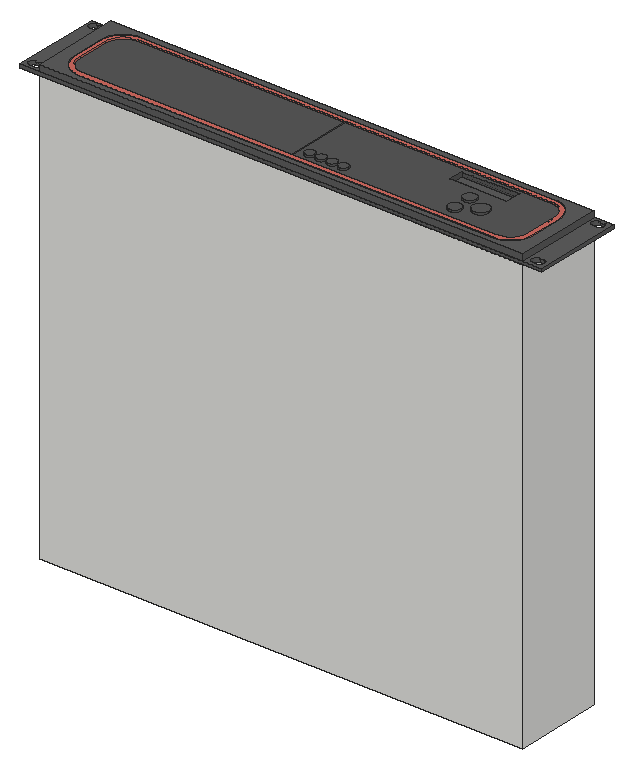
Revit family "Electronics_Amplifier_Biamp_Tesira_4-Channel-300W_AMP-4300R-CV__", category Communication Devices, host Face, Revit 2020
Family settings
  Host = Face
  Maintain Annotation Orientation = No
  Round Connector Dimension = Use Diameter
  Part Type = Normal
  OmniClass Number = 23.85.10.11.14.14.17
  OmniClass Title = Sound Amplifiers
  Cut with Voids When Loaded = Yes
  Shared = No
  Room Calculation Point = No
Parameters (values of type "AMP-4350R")
  Width = 19.00"  # constant formula
  Weight = 20.60 lbf  # constant formula
  Voltage = 120 V
  URL = "https://www.biamp.com/"
  Temperature Range = "32 - 104° F (0 - 40° C)"  # constant formula
  THD+N = "20Hz-20kHz, at rated power: < 0.3%"  # constant formula
  Single Channel = "70V/100V: 300W"  # constant formula
  Product data url = "https://www.bimobject.com/biamp/product/tesira-amp-4350r_amplifier"
  Product Page URL = "https://www.biamp.com/products/tesira-amplifiers#tesira-amp-4350r"
  Product Documentation Link = "https://downloads.biamp.com/assets/docs/default-source/data-sheets/biamp_data_sheet_tesira_amp-4350r_oct18.pdf"
  Power Factor = 1
  Optional Analog Cards = "Tesira EX-MOD cards: EIC-4, EIOC-4, EOC-4"  # constant formula
  Number of Poles = 1
  Number of Channels = "4"  # constant formula
  Model = "Tesira AMP-4350R"  # constant formula
  Minimum Operational Load = "2 ohm"  # constant formula
  Manufacturer = "Biamp"  # constant formula
  Humidity = "0-95% relative humidity (non-condensing)"  # constant formula
  Housing Material = Biamp - Metal - Silver
  Height = 3.50"  # constant formula
  Frequency Response = "± 1dB"  # constant formula
  Dynamic Range = "> 100dB"  # constant formula
  Dual AVB/TSN Input = "RJ-45 (CAT-5 or higher) inputs; primary and secondary"  # constant formula
  Description = "Tesira® AMP-4350R 4-Channel, 350W Amplifier"  # constant formula
  Depth = 17.39844"  # constant formula
  Default Elevation = 48.00"
  Current Draw = "5.5–2.3A"  # constant formula
  Current = 5.5 A
  Cooling = "Variable speed fan"  # constant formula
  Connector Description = "100-240VAC 50/60Hz"  # constant formula
  Compliance = "FCC Part 15B (USA) CE Marked (Europe) UL and C-UL listed (USA and Canada) RCM (Australia) EAC (Eurasian Customs Union) CCC (China) KCC (Korea) RoHS Directive (Europe)"  # constant formula
  Case = yes
  Balanced Input Impedance = "8 kohm"  # constant formula
  Assembly Code = ""
  Apparent Load = Current * Voltage  # 660 VA
  Altitude = "0-10,000 ft (0-3000m) MSL"  # constant formula
Reference planes (in)
  plane 1 "Center (Front/Back)": y = 0
  plane 2: z = 0
  plane 3 "Center (Left/Right)": x = 0
  plane 4: x = 19.76273
  plane 5: y = 1.43791
  plane 6: y = -1.52561
Forms (in)
  Extrusion 1, solid, material "Biamp - Metal - Silver" <- "Housing Material", visible <- "Case"
    sketch origin (9.88137, -1.79653, -8.32798) x (1, 0, 0) y (0, 0, -1)
      loop
        line (-9.5, 8.69922) -> (-9.5, -8.32798) -> (9.5, -8.32798) -> (9.5, 8.69922) -> (-9.5, 8.69922)
    from 0 to 3.5
  Extrusion 2, solid, material "Biamp - Metal - Black"
    sketch origin (9.88137, -1.79653, -8.32798) x (1, 0, 0) y (0, 0, -1)
      loop
        line (-9.5, -8.44922) -> (-9.5, -8.69922) -> (9.5, -8.69922) -> (9.5, -8.44922) -> (-9.5, -8.44922)
    from 0 to 3.5
  Extrusion 3, solid, material "Biamp - Metal - Black"
    sketch origin (9.88137, -1.79653, -8.32798) x (1, 0, 0) y (0, 1, 0)
      loop
        line (10.25, 3.5) -> (-10.25, 3.5) -> (-10.25, 0) -> (10.25, 0) -> (10.25, 3.5)
    from 8.32798 to 8.45
  Extrusion 4, void, detail levels medium+fine
    sketch origin (9.88137, -1.79653, -8.32798) x (1, 0, 0) y (0, 1, 0)
      loop
        arc (-9.7948, 3.07101) -> (-9.63137, 3.23444) -> (-9.7948, 3.39787) r 0.16343
        line (-9.7948, 3.39787) -> (-9.96794, 3.39787)
        arc (-9.96794, 3.39787) -> (-10.13137, 3.23444) -> (-9.96794, 3.07101) r 0.16343
        line (-9.96794, 3.07101) -> (-9.7948, 3.07101)
      loop
        arc (-9.96794, 0.43436) -> (-10.13137, 0.27093) -> (-9.96794, 0.1075) r 0.16343
        line (-9.96794, 0.1075) -> (-9.7948, 0.1075)
        arc (-9.7948, 0.1075) -> (-9.63137, 0.27093) -> (-9.7948, 0.43436) r 0.16343
        line (-9.7948, 0.43436) -> (-9.96794, 0.43436)
      loop
        arc (9.7948, 3.39787) -> (9.63137, 3.23444) -> (9.7948, 3.07101) r 0.16343
        line (9.7948, 3.07101) -> (9.96794, 3.07101)
        arc (9.96794, 3.07101) -> (10.13137, 3.23444) -> (9.96794, 3.39787) r 0.16343
        line (9.96794, 3.39787) -> (9.7948, 3.39787)
      loop
        arc (9.7948, 0.43436) -> (9.63137, 0.27093) -> (9.7948, 0.1075) r 0.16343
        line (9.7948, 0.1075) -> (9.96794, 0.1075)
        arc (9.96794, 0.1075) -> (10.13137, 0.27093) -> (9.96794, 0.43436) r 0.16343
        line (9.96794, 0.43436) -> (9.7948, 0.43436)
    from 8.32798 to 8.45
  Extrusion 5, solid, material "Biamp - Glass - Gray", detail levels medium+fine
    sketch origin (9.88137, -1.79653, -8.42105) x (1, 0, 0) y (0, 1, 0)
      loop
        line (7.01336, 2.93738) -> (4.76336, 2.93738) -> (4.76336, 2.31238) -> (7.01336, 2.31238) -> (7.01336, 2.93738)
    from 8.61104 to 8.74596
  Extrusion 6, solid, material "Biamp - Plastic - Black", detail levels medium+fine
    sketch origin (9.88137, -1.79653, -8.42105) x (1, 0, 0) y (0, 1, 0)
      loop
        circle (6.70697, 1.42245) r 0.30719
      loop
        circle (6.00161, 1.76362) r 0.25
      loop
        circle (6.01175, 1.00818) r 0.25
      loop
        circle (0.87632, 0.86436) r 0.18364
      loop
        circle (0.43882, 0.86436) r 0.18364
      loop
        circle (1.31382, 0.86436) r 0.18364
      loop
        circle (1.75132, 0.86436) r 0.18364
    from 8.74596 to 8.79228
  Extrusion 7, void
    sketch origin (0.38137, -1.79653, -17.0272) x (0, -1, 0) y (-1, 0, 0)
      loop
        line (-2.40764, -8.71853) -> (-2.40764, -9.63487) -> (-2.15764, -9.63487) -> (-2.15764, -8.71853) -> (-2.40764, -8.71853)
      loop
        line (-2.15764, -11.21853) -> (-2.65764, -11.21853) -> (-2.65764, -11.85362) -> (-2.15764, -11.85362) -> (-2.15764, -11.21853)
      loop
        line (-2.65764, -12.19152) -> (-2.65764, -12.82661) -> (-2.15764, -12.82661) -> (-2.15764, -12.19152) -> (-2.65764, -12.19152)
      loop
        line (-2.65764, -13.44152) -> (-2.65764, -14.07661) -> (-2.15764, -14.07661) -> (-2.15764, -13.44152) -> (-2.65764, -13.44152)
      loop
        line (-1.4216, -17.20698) -> (-1.4216, -18.58198) -> (-0.4841, -18.58198) -> (-0.4841, -17.20698) -> (-1.4216, -17.20698)
      loop
        line (-0.9841, -12.19152) -> (-0.9841, -12.82661) -> (-0.4841, -12.82661) -> (-0.4841, -12.19152) -> (-0.9841, -12.19152)
      loop
        line (-0.9841, -8.94152) -> (-0.9841, -9.57661) -> (-0.4841, -9.57661) -> (-0.4841, -8.94152) -> (-0.9841, -8.94152)
      loop
        line (-0.9841, -5.41027) -> (-0.9841, -6.04536) -> (-0.4841, -6.04536) -> (-0.4841, -5.41027) -> (-0.9841, -5.41027)
      loop
        line (-0.9841, -2.25402) -> (-0.9841, -2.88911) -> (-0.4841, -2.88911) -> (-0.4841, -2.25402) -> (-0.9841, -2.25402)
      loop
        line (-2.84514, -5.05061) -> (-2.84514, -4.35303) -> (-3.28264, -4.35303) -> (-3.28264, -5.05061) -> (-2.84514, -5.05061)
      loop
        line (-2.84514, -4.26512) -> (-2.84514, -3.56754) -> (-3.28264, -3.56754) -> (-3.28264, -4.26512) -> (-2.84514, -4.26512)
      loop
        line (-2.84514, -3.16358) -> (-2.84514, -2.466) -> (-3.28264, -2.466) -> (-3.28264, -3.16358) -> (-2.84514, -3.16358)
      loop
        line (-2.84514, -1.68051) -> (-3.28264, -1.68051) -> (-3.28264, -2.3781) -> (-2.84514, -2.3781) -> (-2.84514, -1.68051)
    from -0.15363 to 0
  Extrusion 8, solid, material "Biamp - Metal - Black", detail levels coarse
    sketch origin (9.88137, -1.79653, -8.32798) x (1, 0, 0) y (0, 0, -1)
      loop
        line (-9.5, -8.44922) -> (-9.5, -8.69922) -> (9.5, -8.69922) -> (9.5, -8.44922) -> (-9.5, -8.44922)
    from 0 to 3.5
  Extrusion 9, solid, material "Biamp - Metal - Black", detail levels coarse
    sketch origin (9.88137, -1.79653, -8.32798) x (1, 0, 0) y (0, 1, 0)
      loop
        line (-10.25, 3.5) -> (-10.25, 0) -> (10.25, 0) -> (10.25, 3.5) -> (-10.25, 3.5)
    from 8.32798 to 8.44922
  Extrusion 10, void
    sketch origin (0, 0, 0) x (1, 0, 0) y (0, 1, 0)
      loop
        line (17.98962, 1.46978) -> (1.77311, 1.46978)
        arc (1.77311, 1.46978) -> (1.14255, 1.20859) -> (0.88137, 0.57803) r 0.89175
        line (0.88137, 0.57803) -> (0.88137, -0.67041)
        arc (0.88137, -0.67041) -> (1.14255, -1.30097) -> (1.77311, -1.56216) r 0.89175
        line (1.77311, -1.56216) -> (17.98962, -1.56216)
        arc (17.98962, -1.56216) -> (18.62018, -1.30097) -> (18.88137, -0.67041) r 0.89175
        line (18.88137, -0.67041) -> (18.88137, 0.57803)
        arc (18.88137, 0.57803) -> (18.62018, 1.20859) -> (17.98962, 1.46978) r 0.89175
    from 0.37124 to 0.12124
  Extrusion 11, solid, material "Biamp - Plastic - Red", detail levels medium+fine
    sketch origin (0, 0, 0) x (1, 0, 0) y (0, 1, 0)
      loop
        arc (1.77311, 1.46978) -> (1.14255, 1.20859) -> (0.88137, 0.57803) r 0.89175
        line (0.88137, 0.57803) -> (0.88137, -0.67041)
        arc (0.88137, -0.67041) -> (1.14255, -1.30097) -> (1.77311, -1.56216) r 0.89175
        line (1.77311, -1.56216) -> (17.98962, -1.56216)
        arc (17.98962, -1.56216) -> (18.62018, -1.30097) -> (18.88137, -0.67041) r 0.89175
        line (18.88137, -0.67041) -> (18.88137, 0.57803)
        arc (18.88137, 0.57803) -> (18.62018, 1.20859) -> (17.98962, 1.46978) r 0.89175
        line (17.98962, 1.46978) -> (1.77311, 1.46978)
      loop
        line (18.71137, -0.67041) -> (18.71137, 0.57803)
        arc (18.71137, 0.57803) -> (18.49997, 1.08838) -> (17.98962, 1.29978) r 0.72175
        line (17.98962, 1.29978) -> (1.77311, 1.29978)
        arc (1.77311, 1.29978) -> (1.26276, 1.08838) -> (1.05137, 0.57803) r 0.72175
        line (1.05137, 0.57803) -> (1.05137, -0.67041)
        arc (1.05137, -0.67041) -> (1.26276, -1.18076) -> (1.77311, -1.39216) r 0.72175
        line (1.77311, -1.39216) -> (17.98962, -1.39216)
        arc (17.98962, -1.39216) -> (18.49997, -1.18076) -> (18.71137, -0.67041) r 0.72175
    from 0.37124 to 0.12202
  Extrusion 12, solid, material "Biamp - Plastic - Black", detail levels medium+fine
    sketch origin (0, 0, 0) x (1, 0, 0) y (0, 1, 0)
      loop
        line (9.95107, -1.39216) -> (17.98962, -1.39216)
        arc (17.98962, -1.39216) -> (18.49997, -1.18076) -> (18.71137, -0.67041) r 0.72175
        line (18.71137, -0.67041) -> (18.71137, 0.57803)
        arc (18.71137, 0.57803) -> (18.49997, 1.08838) -> (17.98962, 1.29978) r 0.72175
        line (17.98962, 1.29978) -> (9.95107, 1.29978) -> (9.95107, -1.39216)
      loop
        line (14.64473, 1.14084) -> (14.64473, 0.51584) -> (16.89473, 0.51584) -> (16.89473, 1.14084) -> (14.64473, 1.14084)
    from 0.12202 to 0.32491
  Extrusion 13, solid, material "Biamp - Plastic - Black(Grid)"
    sketch origin (0, 0, 0) x (1, 0, 0) y (0, 1, 0)
      loop
        line (1.05137, 0.57803) -> (1.05137, -0.67041)
        arc (1.05137, -0.67041) -> (1.26276, -1.18076) -> (1.77311, -1.39216) r 0.72175
        line (1.77311, -1.39216) -> (9.9046, -1.39216) -> (9.9046, 1.29978) -> (1.77311, 1.29978)
        arc (1.77311, 1.29978) -> (1.26276, 1.08838) -> (1.05137, 0.57803) r 0.72175
    from 0.12202 to 0.32491
Cuts and joins
  Extrusion 4 cuts Extrusion 3
  Extrusion 7 cuts Extrusion 1
  Extrusion 10 cuts Extrusion 2
Lines and regions (in)
  Masking region 1
    outline origin (0, 0, 0) x (1, 0, 0) y (0, 0, 1)
      loop
        line (-0.36863, 0) -> (0.38137, 0) -> (0.38137, -17.0272) -> (19.38137, -17.0272) -> (19.38137, 0) -> (20.13137, 0) -> (20.13137, 0.12124) -> (19.38137, 0.12124) -> (19.38137, 0.37124) -> (0.38137, 0.37124) -> (0.38137, 0.12124) -> (-0.36863, 0.12124) -> (-0.36863, 0)
  symbolic lines
    curve 1: line (-0.36863, 0, 0.12124) -> (20.13137, 0, 0.12124)
    curve 2: line (19.38137, 0, 0) -> (0.38137, 0, 0)
Dimensions and locks (in)
  aligned and locked: plane 2 to host face
  aligned and locked: level to host face
Connectors (in)
  electrical at (18.27585, -0.84368, -16.87357), driven by "Number of Poles", driven by "Voltage", driven by "Apparent Load", driven by "Power Factor", driven by "Connector Description"
    settings: on cut or joined group of Extrusion 1, Extrusion 7, index 1, voltage 120 V, apparent load 0 VA, apparent load phase1 660 VA, apparent load phase2 0 VA, apparent load phase3 0 VA, power factor 1, load classification "Other", number of poles 1, system type 31, power factor state 1, is connector primary yes, connector utility no, sub classification motor no, connector description "100-240VAC 50/60Hz"
  electrical at (14.14043, 0.6111, -16.87357)
    settings: on cut or joined group of Extrusion 1, Extrusion 7, index 2, voltage 0 V, apparent load 0 VA, apparent load phase1 0 VA, apparent load phase2 0 VA, apparent load phase3 0 VA, power factor 1, load classification "Other", number of poles 1, system type 5, power factor state 1, is connector primary no, connector utility no, sub classification motor no, connector description "Network control connection; RJ-45"
  electrical at (12.89043, 0.6111, -16.87357)
    settings: on cut or joined group of Extrusion 1, Extrusion 7, index 3, voltage 0 V, apparent load 0 VA, apparent load phase1 0 VA, apparent load phase2 0 VA, apparent load phase3 0 VA, power factor 1, load classification "Other", number of poles 1, system type 5, power factor state 1, is connector primary no, connector utility no, sub classification motor no, connector description "RJ-45; AVB Primary"
  electrical at (11.91744, 0.6111, -16.87357)
    settings: on cut or joined group of Extrusion 1, Extrusion 7, index 4, voltage 0 V, apparent load 0 VA, apparent load phase1 0 VA, apparent load phase2 0 VA, apparent load phase3 0 VA, power factor 1, load classification "Other", number of poles 1, system type 5, power factor state 1, is connector primary no, connector utility no, sub classification motor no, connector description "RJ-45; AVB Secondary"
  electrical at (12.89043, -1.06243, -16.87357)
    settings: on cut or joined group of Extrusion 1, Extrusion 7, index 5, voltage 0 V, apparent load 0 VA, apparent load phase1 0 VA, apparent load phase2 0 VA, apparent load phase3 0 VA, power factor 1, load classification "Other", number of poles 1, system type 5, power factor state 1, is connector primary no, connector utility no, sub classification motor no, connector description "AMP Output; 4"
  electrical at (9.64043, -1.06243, -16.87357)
    settings: on cut or joined group of Extrusion 1, Extrusion 7, index 6, voltage 0 V, apparent load 0 VA, apparent load phase1 0 VA, apparent load phase2 0 VA, apparent load phase3 0 VA, power factor 1, load classification "Other", number of poles 1, system type 5, power factor state 1, is connector primary no, connector utility no, sub classification motor no, connector description "AMP Output; 3"
  electrical at (9.55806, 0.4861, -16.87357)
    settings: on cut or joined group of Extrusion 1, Extrusion 7, index 7, voltage 0 V, apparent load 0 VA, apparent load phase1 0 VA, apparent load phase2 0 VA, apparent load phase3 0 VA, power factor 1, load classification "Other", number of poles 1, system type 5, power factor state 1, is connector primary no, connector utility no, sub classification motor no, connector description "Logic I/O"
  electrical at (6.10918, -1.06243, -16.87357)
    settings: on cut or joined group of Extrusion 1, Extrusion 7, index 8, voltage 0 V, apparent load 0 VA, apparent load phase1 0 VA, apparent load phase2 0 VA, apparent load phase3 0 VA, power factor 1, load classification "Other", number of poles 1, system type 5, power factor state 1, is connector primary no, connector utility no, sub classification motor no, connector description "AMP Output; 2"
  electrical at (5.08319, 1.26735, -16.87357)
    settings: on cut or joined group of Extrusion 1, Extrusion 7, index 9, voltage 0 V, apparent load 0 VA, apparent load phase1 0 VA, apparent load phase2 0 VA, apparent load phase3 0 VA, power factor 1, load classification "Other", number of poles 1, system type 5, power factor state 1, is connector primary no, connector utility no, sub classification motor no, connector description "Analog Audio I/O 4"
  electrical at (4.2977, 1.26735, -16.87357)
    settings: on cut or joined group of Extrusion 1, Extrusion 7, index 10, voltage 0 V, apparent load 0 VA, apparent load phase1 0 VA, apparent load phase2 0 VA, apparent load phase3 0 VA, power factor 1, load classification "Other", number of poles 1, system type 5, power factor state 1, is connector primary no, connector utility no, sub classification motor no, connector description "Analog Audio I/O 3"
  electrical at (3.19616, 1.26735, -16.87357)
    settings: on cut or joined group of Extrusion 1, Extrusion 7, index 11, voltage 0 V, apparent load 0 VA, apparent load phase1 0 VA, apparent load phase2 0 VA, apparent load phase3 0 VA, power factor 1, load classification "Other", number of poles 1, system type 5, power factor state 1, is connector primary no, connector utility no, sub classification motor no, connector description "Analog Audio I/O 2"
  electrical at (2.41067, 1.26735, -16.87357)
    settings: on cut or joined group of Extrusion 1, Extrusion 7, index 12, voltage 0 V, apparent load 0 VA, apparent load phase1 0 VA, apparent load phase2 0 VA, apparent load phase3 0 VA, power factor 1, load classification "Other", number of poles 1, system type 5, power factor state 1, is connector primary no, connector utility no, sub classification motor no, connector description "Analog Audio I/O 1"
  electrical at (2.95293, -1.06243, -16.87357)
    settings: on cut or joined group of Extrusion 1, Extrusion 7, index 13, voltage 0 V, apparent load 0 VA, apparent load phase1 0 VA, apparent load phase2 0 VA, apparent load phase3 0 VA, power factor 1, load classification "Other", number of poles 1, system type 5, power factor state 1, is connector primary no, connector utility no, sub classification motor no, connector description "AMP Output; 1"
